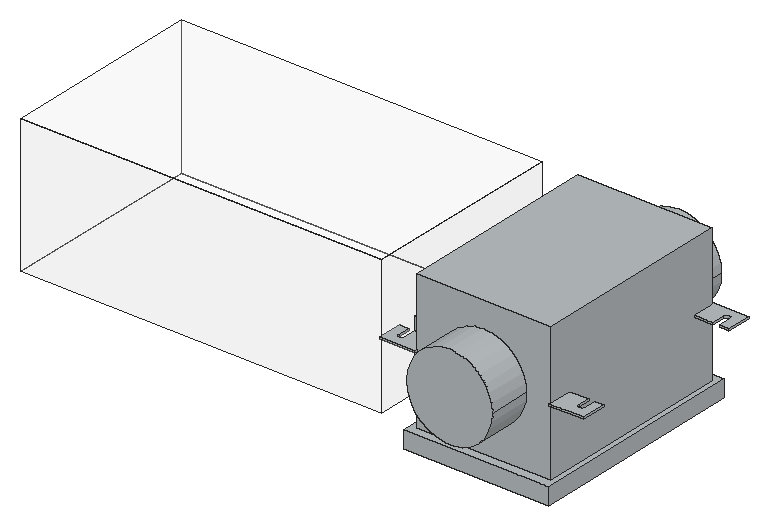
Revit family "bfs-30_150sya2_60Hz", category 機械設備, Revit 2019
Family settings
  丸型コネクタ寸法 = 直径を使用
  パーツ タイプ = 割り込み
  OmniClass 番号 = 23.75.35.17.27
  OmniClass タイトル = Centrifugal Fans
  作業面ベース = いいえ
  常に垂直 = はい
  ロード時にボイドで切り取り = いいえ
  共有 = いいえ
  部屋計算ポイント = はい
Parameters (values of type "BFS-30SYA2")
  騒音レベル(dB(A))_吸込 = 37.5
  騒音レベル(dB(A))_吐出 = 40
  騒音レベル(dB(A))_側面 = 24.5
  騒音レベル(dB(A)) = 40
  風量 [instance] = 設計風量  # 0.0 m³/h
  電源種別 [instance] = "一般"
  電圧 = 100 V
  電動機出力 = 16 W
  電動機_種別 [instance] = ""
  運転質量 = 0.00 kg
  連動 [instance] = ""
  質量 = if(製品質量 > 運転質量, 製品質量, 運転質量) * 1.2  # 8.40 kg
  負荷分類 = 3_ファン類
  説明 = "ストレートシロッコファン消音形耐湿タイプ"
  設計風量 [instance] = 0.0 m³/h
  設置方法 = "天吊"
  記号 [instance] = ""
  製造元 = "三菱電機株式会社"
  製品質量 = 7.00 kg
  製品出荷対象 = "国内"
  製品リリース年月 = "2022年6月1日"
  製品グループ = ""
  系統 [instance] = ""
  符号 [instance] = if(☑給気／□排気, "FS", "FE")  # "FE"
  積算_科目 = "2 換気設備"
  積算_拾い区分 [instance] = ""
  相 = 1
  盤記号 [instance] = ""
  盤工事区分 = "電気工事"
  発停方法 [instance] = "別売スイッチ"
  番手 = "#1"
  特殊仕様 [instance] = ""
  火災停止 = ""
  消費電力 = 43.5 W
  法定耐用年数 = "15"
  機外静圧 [instance] = 0.0 Pa
  極数 = 2
  極 = 4
  材質 [instance] = ""
  本体マテリアル = 溶融亜鉛めっき鋼板
  操作・制御方式 = ""
  操作・制御スイッチ = ""
  排気量 [instance] = if(☑給気／□排気, 0.0 m³/h, 設計風量)  # 0.0 m³/h
  形式 = ""
  形名 = BFS-SYA : BFS-30SYA
  幹線記号 [instance] = ""
  対象室 [instance] = ""
  実風量 = 0.0 m³/h
  始動方式 [instance] = "直入"
  外気量 [instance] = if(☑給気／□排気, 設計風量, 0.0 m³/h)  # 0.0 m³/h
  呼称 = "消音ボックス付送風機"
  周波数 = 60 Hz
  天吊金具ピッチ幅 = 299 mm
  天吊金具ピッチ奥行 = 300 mm
  参照している仕様書等のバージョン = ""
  分類コード = "50052502100020"
  分類グループ = ""
  価格 = 110000
  企業コード = "108420"
  付属品_防振装置 = ""
  付属品 [instance] = ""
  仕様書バージョン = "Version1.0"
  モデル = "BFS-30SYA2"
  ファンの種類 = "多翼形"
  ドレン管径 = 18 mm
  ダクト径 = 150 mm
  サービススペース = yes
  コメント [instance] = ""
  Keynote = ""
  ☑給気／□排気 [instance] = no
  Width = 223 mm
  Version = ""
  Uniclass2015Version = "Systems v1.9"
  Uniclass2015Title = "Centrifugal fans"
  Uniclass2015Code = "Pr_65_67_29_12"
  URL = "https://www.mitsubishielectric.co.jp/ldg/wink/ssl/displayProduct.do?pid=319099"
  SpecificationReference = ""
  SpecificationDescription = ""
  Revision = ""
  ProductInformation = ""
  OmniClassCode = "23-33 31 19 13 15"
  MIN風量 = 0.0 m³/h
  MIN静圧 = 0.0 Pa
  MID風量 = 0.0 m³/h
  MID静圧 = 0.0 Pa
  MAX風量 = 300.0 m³/h
  MAX静圧 = 39.0 Pa
  M = 70 mm
  IfcTypeProduct = ""
  IfcProduct = ""
  IfcExportType = "CENTRIFUGALFORWARDCURVED"
  IfcExportAs = "IfcFanType"
  Height = 228.4 mm
  Depth = 335 mm
  Clearance Top = 0 mm  # constant formula
  Clearance Right = 0 mm  # constant formula
  Clearance Left = 600 mm  # constant formula
  Clearance Front = 0 mm  # constant formula
  Clearance Bottom = 0 mm  # constant formula
  Clearance Back = 0 mm  # constant formula
  Author = "三菱電機株式会社"
Types (6, lengths in mm): name | 騒音レベル(dB(A))_吸込 | 騒音レベル(dB(A))_吐出 | 騒音レベル(dB(A))_側面 | 騒音レベル(dB(A)) | 電動機出力 | 質量 | 製品質量 | 番手 | 消費電力 | 形名 | 天吊金具ピッチ幅 | 天吊金具ピッチ奥行 | 参照している仕様書等のバージョン | 価格 | モデル | ダクト径 | Width | URL | MAX風量 | MAX静圧 | M | Height | Depth
  BFS-30SYA2 | 37.5 | 40 | 24.5 | 40 | 16 W | 8.40 kg | 7.00 kg | "#1" | 43.5 W | BFS-SYA : BFS-30SYA | 299 | 300 | "" | 110000 | "BFS-30SYA2" | 150 | 223 | "https://www.mitsubishielectric.co.jp/ldg/wink/ssl/displayProduct.do?pid=319099" | 300.0 m³/h | 39.0 Pa | 70 | 228.4 | 335
  BFS-40SYA2 | 38 | 44 | 27 | 44 | 25 W | 11.40 kg | 9.50 kg | "#1 1/4" | 66 W | BFS-SYA : BFS-40SYA | 331 | 353 | "" | 119000 | "BFS-40SYA2" | 150 | 255 | "https://www.mitsubishielectric.co.jp/ldg/wink/ssl/displayProduct.do?pid=319106" | 400.0 m³/h | 69.0 Pa | 70 | 258.4 | 388
  BFS-50SYA2 | 39 | 49 | 26.5 | 49 | 45 W | 15.00 kg | 12.50 kg | "#1 1/4" | 87.5 W | BFS-SYA : BFS-50SYA | 401 | 388 | "公共建築工事標準仕様書（機械設備工事編）平成31年度版" | 161000 | "BFS-50SYA2" | 200 | 325 | "https://www.mitsubishielectric.co.jp/ldg/wink/ssl/displayProduct.do?pid=319114" | 500.0 m³/h | 175.0 Pa | 85 | 258.4 | 423
  BFS-80SYA2 | 40.5 | 53 | 31 | 53 | 80 W | 18.00 kg | 15.00 kg | "#1 1/4" | 155 W | BFS-SYA : BFS-80SYA | 449 | 453 | "公共建築工事標準仕様書（機械設備工事編）平成31年度版" | 179000 | "BFS-80SYA2" | 200 | 373 | "https://www.mitsubishielectric.co.jp/ldg/wink/ssl/displayProduct.do?pid=318464" | 800.0 m³/h | 157.0 Pa | 85 | 308.4 | 488
  BFS-100SYA2 | 44.5 | 58 | 34 | 58 | 160 W | 21.60 kg | 18.00 kg | "#1 1/2" | 247 W | BFS-SYA : BFS-100SYA | 469 | 453 | "公共建築工事標準仕様書（機械設備工事編）平成31年度版" | 204000 | "BFS-100SYA2" | 200 | 393 | "https://www.mitsubishielectric.co.jp/ldg/wink/ssl/displayProduct.do?pid=318945" | 1000.0 m³/h | 250.0 Pa | 85 | 308.4 | 488
  BFS-150SYA2 | 50.5 | 63 | 38 | 63 | 340 W | 25.80 kg | 21.50 kg | "#1 1/2" | 498 W | BFS-SYA : BFS-150SYA | 467 | 555 | "公共建築工事標準仕様書（機械設備工事編）平成31年度版" | 234000 | "BFS-150SYA2" | 250 | 391 | "https://www.mitsubishielectric.co.jp/ldg/wink/ssl/displayProduct.do?pid=318964" | 1500.0 m³/h | 265.0 Pa | 85 | 353.4 | 590
Reference planes
  plane 1 "中心(正面/背面)": y = 0
  plane 2: z = 0
  plane 3 "中心(左/右)": x = -128
  plane 4 "左": x = -239.5
  plane 5 "右": x = -16.5
  plane 6 "背面": y = 167.5
  plane 7 "正面": y = -167.5
  plane 8: z = 114.2
  plane 9: y = 150
  plane 10: y = -150
  plane 11: x = 21.5
  plane 12: x = -277.5
  plane 13: z = -114.2
  plane 14: z = 114.2
  plane 15: z = -114.2
  plane 16: y = 167.5
  plane 17: y = -167.5
  plane 18: x = -16.5
  plane 19: x = -897.5
  plane 20: x = -297.5
Lines and regions (mm)
  Masking region 1, detail levels coarse+medium
    outline origin (-349.907, -603.86, 0) x (1, 0, 0) y (0, 1, 0)
      loop
        line (110.407, 436.36) -> (333.407, 436.36) -> (333.407, 771.36) -> (110.407, 771.36) -> (110.407, 436.36)
  symbolic lines, detail levels coarse+medium
    curve 1: line (-239.5, 167.5, 0) -> (-16.5, 0, 0)
    curve 2: line (-16.5, 0, 0) -> (-239.5, -167.5, 0)
Dimensions and locks
  "Width": plane 4 "左" to plane 5 "右"
  equal spacing: plane 7 "正面", plane 1 "中心(正面/背面)", plane 6 "背面"
  "Depth": plane 7 "正面" to plane 6 "背面"
  equal spacing: plane 8, level, plane 13
  "Height": plane 8 to plane 13
  equal spacing: plane 10, plane 1 "中心(正面/背面)", plane 9
  "天吊金具ピッチ奥行": plane 10 to plane 9
  "天吊金具ピッチ幅": plane 12 to plane 11
  "Clearance Top": plane 14 to plane 8
  "Clearance Bottom": plane 13 to plane 15
  "Clearance Front": plane 17 to plane 7 "正面"
  "Clearance Back": plane 6 "背面" to plane 16
  "Clearance Right": plane 5 "右" to plane 18
  equal spacing: plane 4 "左", plane 3 "中心(左/右)", plane 5 "右"
  equal spacing: plane 12, plane 3 "中心(左/右)", plane 11
  locked: plane 20 to plane 12 at 20
  "Clearance Left": plane 19 to plane 20
  aligned and locked: level to plane 2
  aligned and locked: nested 2 to plane 9
  aligned and locked: plane 10 to nested 2
  aligned and locked: plane 12 to nested 2
  aligned and locked: plane 11 to nested 2
  aligned and locked: plane 8 to nested 1
  aligned and locked: plane 19 to nested 3
  aligned and locked: plane 17 to nested 3
  aligned and locked: plane 14 to nested 3
  aligned and locked: plane 15 to nested 3
  aligned and locked: plane 1 "中心(正面/背面)" to nested 1
  aligned and locked: nested 1 to plane 3 "中心(左/右)"
  aligned and locked: plane 16 to nested 3
  aligned and locked: plane 20 to nested 3
  aligned and locked: plane 5 "右" to Masking region 1
  aligned and locked: Masking region 1 to plane 4 "左"
  aligned and locked: Masking region 1 to plane 6 "背面"
  aligned and locked: plane 7 "正面" to Masking region 1
Automatic sketch dimensions
  Masking region 1 sketch curve to plane 9 = 17.5 mm
  plane 20 to Masking region 1 sketch curve = 58 mm
  Masking region 1 sketch curve to plane 11 = 38 mm
  plane 7 "正面" to Masking region 1 sketch curve = 0 mm
  curve 2 to plane 4 "左" = 0 mm
  curve 1 to plane 4 "左" = 0 mm
  plane 1 "中心(正面/背面)" to curve 2 = 0 mm
  curve 2 to plane 5 "右" = 0 mm
  plane 7 "正面" to curve 2 = 0 mm
  plane 6 "背面" to curve 1 = 0 mm
Nested families
  nested 1: "BFS-SYA" at (-128, 0, -114.2) x (0, -1, 0) z (0, 0, 1), type <- "形名", type "BFS-30SYA"
  nested 2: "固定点" at (-277.5, -150, 0), type "固定点"
    with W 299 mm, D 300 mm
  nested 3: "サービススペース" at (-597.5, 0, 0), visible <- "サービススペース", type "サービススペース"
    with Width 600 mm, Height 228.4 mm, Depth 335 mm
Connectors
  hvac at (-128, -237.5, 1.2), driven by "ダクト径", driven by "機外静圧", driven by "風量"
    settings: on nested 1, index 2, duct flow 0.0 m³/h, flow factor 0, pres drop 0.0 Pa, loss coef 0, conn angle 0.00°, conn width 304.8 mm, conn height 304.8 mm, conn diameter 150 mm, duct sys type 29, conn prof type 0, flow config 0, flow direction 2, loss method 4, conn ref index -1, conn util no, is conn primary yes, conn desc ""
  hvac at (-128, 237.5, 1.2), driven by "ダクト径", driven by "機外静圧", driven by "風量"
    settings: on nested 1, index 3, duct flow 0.0 m³/h, flow factor 0, pres drop 0.0 Pa, loss coef 0, conn angle 0.00°, conn width 304.8 mm, conn height 304.8 mm, conn diameter 150 mm, duct sys type 29, conn prof type 0, flow config 0, flow direction 1, loss method 4, conn ref index -1, conn util no, is conn primary no, conn desc ""
  electrical at (-290.6, -36.9, -38.2), driven by "極数", driven by "負荷分類", driven by "電圧", driven by "消費電力"
    settings: on nested 1, index 4, voltage 100 V, apparent load 43.5 VA, apparent load phase1 0 VA, apparent load phase2 0 VA, apparent load phase3 0 VA, power factor 1, load classification "3_ファン類", number of poles 2, system type 30, power factor state 1, is connector primary yes, connector utility no, sub classification motor no, connector description ""
  piping at (-233, 0, -167.8), diameter 18, driven by "ドレン管径"
    settings: on nested 1, index 5, connector inside diameter 609.6 mm, connector length 0 mm, flow factor 0, pipe flow 0.0 L/s, pressure drop 0.0 Pa, fitting loss kfactor 0, connector angle 0.00°, fixture units 0, engagement length 0 mm, angle of deflection 0.00°, flow configuration 1, flow direction 2, fitting loss method 4, system type 16, joint type 0, gender type 0, connector reference index -1, connector utility 0, adjustable connector no, is connector primary yes, connector description ""
Definition of nested family "BFS-SYA"
  Parameters (values of type "BFS-30SYA")
    端子カバー高 = 90 mm  # constant formula
    端子カバー手前位置 = 60.6 mm
    端子カバー幅 = 51.1 mm  # constant formula
    端子カバー奥行 = 140 mm  # constant formula
    端子カバー上位置 = 107.4 mm
    吊りボルト-φ = 11 mm
    吊りボルト-W2 = 41 mm
    吊りボルト-W1 = 300 mm
    吊りボルト-D2 = 339 mm
    吊りボルト-D1 = 299 mm
    マテリアル = none
    ダクト位置高 = 113 mm
    φ = 142 mm
    Φ = 160 mm
    w1 = 365 mm
    kb_z = 20 mm
    吊りボルト-h = ダクト位置高  # 113 mm
    d1 = 240 mm
    b = 280 mm
    a = 70 mm
    W = 335 mm
    H = 228.4 mm
    c = 85 mm
    D = 223 mm
  Types (6, lengths in mm): name | 端子カバー手前位置 | 端子カバー上位置 | 吊りボルト-W1 | 吊りボルト-D2 | 吊りボルト-D1 | ダクト位置高 | φ | Φ | w1 | kb_z | 吊りボルト-h | d1 | b | a | W | H | c | D
    BFS-50SYA | 69.2 | 122.8 | 388 | 441 | 401 | 128 | 192 | 208 | 453 | 20 | 128 | 342 | 280 | 85 | 423 | 258.4 | 50 | 325
    BFS-80SYA | 71 | 152.4 | 453 | 489 | 449 | 153 | 192 | 208 | 519 | 25 | 153 | 390 | 280 | 85 | 488 | 308.4 | 50 | 373
    BFS-100SYA | 70.2 | 152.4 | 453 | 509 | 469 | 153 | 192 | 208 | 519 | 25 | 153 | 410 | 280 | 85 | 488 | 308.4 | 50 | 393
    BFS-150SYA | 88.2 | 60.5 | 555 | 507 | 467 | 175 | 242 | 258 | 621 | 120 | 175 | 408 | 280 | 85 | 590 | 353.4 | 50 | 391
    BFS-30SYA | 60.6 | 107.4 | 300 | 339 | 299 | 113 | 142 | 160 | 365 | 20 | 113 | 240 | 280 | 70 | 335 | 228.4 | 85 | 223
    BFS-40SYA | 62.3 | 122.6 | 353 | 371 | 331 | 128 | 142 | 160 | 419 | 25 | 128 | 273 | 288 | 70 | 388 | 258.4 | 50 | 255
  Reference planes
    plane 1 "中心(正面/背面)": y = 0
    plane 2: z = 0
    plane 3 "中心(左/右)": x = 0
    plane 4: y = 111.5
    plane 5: y = 149.5
    plane 6: y = 169.5
    plane 7: y = -111.5
    plane 8: y = -149.5
    plane 9: y = -169.5
    plane 10: x = -167.5
    plane 11: x = -150
    plane 12: x = -170.5
    plane 13: x = 167.5
    plane 14: x = 150
    plane 15: x = 170.5
    plane 16: z = 228.4
    plane 17: x = -173.1
    plane 18: x = 106.9
    plane 19: x = 237.5
    plane 20: x = -237.5
    plane 21: z = 115.4
    plane 22: z = 112.4
    plane 23: z = 74.4
    plane 24: x = -129.5
    plane 25: z = 97.4
    plane 26: x = 129.5
    plane 27: y = 114.5
    plane 28: x = -33.1
    plane 29: z = 121
    plane 30: z = 31
    plane 31: y = -162.6
    plane 32: y = 120
    plane 33: y = -120
    plane 34: x = -182.5
    plane 35: x = 182.5
    plane 36: z = -23.6
    plane 37: z = -28.6
    plane 38: z = -53.6
    plane 39: y = -105
    plane 40: z = 115.4
  Forms (mm)
    Extrusion 1, solid, material <- "マテリアル", detail levels fine
      sketch origin (0, 0, 0) x (1, 0, 0) y (0, 1, 0)
        loop
          line (-167.5, 111.5) -> (-167.5, -111.5) -> (167.5, -111.5) -> (167.5, 111.5) -> (-167.5, 111.5)
      from 0 to 228.4
    Extrusion 2, solid, material <- "マテリアル", detail levels fine
      sketch origin (0, 0, 0) x (1, 0, 0) y (0, 1, 0)
        loop
          line (-170.5, -111.5) -> (-170.5, -169.5) -> (-129.5, -169.5) -> (-129.5, -155) -> (-150, -155)
          arc (-150, -155) -> (-155.5, -149.5) -> (-150, -144) r 5.5
          line (-150, -144) -> (-129.5, -144) -> (-129.5, -111.5) -> (-170.5, -111.5)
      from 112.4 to 115.4
    Extrusion 3, solid, material <- "マテリアル", detail levels fine
      sketch origin (0, 0, 0) x (1, 0, 0) y (0, 1, 0)
        loop
          line (-170.5, 111.5) -> (-129.5, 111.5) -> (-129.5, 144) -> (-150, 144)
          arc (-150, 144) -> (-155.5, 149.5) -> (-150, 155) r 5.5
          line (-150, 155) -> (-129.5, 155) -> (-129.5, 169.5) -> (-170.5, 169.5) -> (-170.5, 111.5)
      from 112.4 to 115.4
    Extrusion 4, solid, material <- "マテリアル", detail levels fine
      sketch origin (0, 0, 0) x (-1, 0, 0) y (0, -1, 0)
        loop
          line (-170.5, -111.5) -> (-170.5, -169.5) -> (-129.5, -169.5) -> (-129.5, -155) -> (-150, -155)
          arc (-150, -155) -> (-155.5, -149.5) -> (-150, -144) r 5.5
          line (-150, -144) -> (-129.5, -144) -> (-129.5, -111.5) -> (-170.5, -111.5)
      from 112.4 to 115.4
    Extrusion 5, solid, material <- "マテリアル", detail levels fine
      sketch origin (0, 0, 0) x (-1, 0, 0) y (0, -1, 0)
        loop
          line (-170.5, 111.5) -> (-129.5, 111.5) -> (-129.5, 144) -> (-150, 144)
          arc (-150, 144) -> (-155.5, 149.5) -> (-150, 155) r 5.5
          line (-150, 155) -> (-129.5, 155) -> (-129.5, 169.5) -> (-170.5, 169.5) -> (-170.5, 111.5)
      from 112.4 to 115.4
    Extrusion 6, solid, material <- "マテリアル", detail levels fine
      sketch origin (0, 0, 0) x (0, 1, 0) y (0, 0, 1)
        loop
          circle (0, 115.4) r 71
      from -167.5 to -237.5
    Extrusion 7, solid, material <- "マテリアル", detail levels fine
      sketch origin (0, 0, 0) x (0, 1, 0) y (0, 0, -1)
        loop
          circle (0, -115.4) r 71
      from -167.5 to -237.5
    Extrusion 8, solid, material <- "マテリアル", detail levels fine
      sketch origin (0, 0, 0) x (1, 0, 0) y (0, 0, 1)
        loop
          line (106.9, 121) -> (-33.1, 121) -> (-33.1, 31) -> (106.9, 31) -> (106.9, 121)
      from 111.5 to 162.6
    Extrusion 9, solid, material <- "マテリアル", detail levels fine
      sketch origin (0, 0, 0) x (0, 1, 0) y (0, 0, 1)
        loop
          line (-120, -28.6) -> (120, -28.6) -> (120, 0) -> (-120, 0) -> (-120, -28.6)
      from -182.5 to 182.5
    Extrusion 10, solid, material <- "マテリアル", detail levels fine
      sketch origin (0, 0, 0) x (1, 0, 0) y (0, 1, 0)
        loop
          circle (0, -105) r 9
      from -53.6 to -28.6
  Dimensions and locks
    plane 12 to plane 15 = 341 mm
    "吊りボルト-W1": plane 11 to plane 14
    "W": plane 10 to plane 13
    "吊りボルト-D2": plane 9 to plane 6
    "吊りボルト-D1": plane 8 to plane 5
    "D": plane 7 to plane 4
    equal spacing: plane 7, plane 1 "中心(正面/背面)", plane 4
    equal spacing: plane 10, plane 3 "中心(左/右)", plane 13
    "H": plane 16 to level
    locked: plane 13 to plane 15 at 3
    locked: plane 12 to plane 10 at 3
    locked: plane 21 to plane 22 at 3
    locked: plane 21 to plane 23 at 41
    "吊りボルト-W2": plane 12 to plane 24
    locked: plane 22 to plane 25 at 15
    "吊りボルト-W2": plane 26 to plane 15
    locked: plane 27 to plane 4 at 3
    "a": plane 20 to plane 10
    "a": plane 13 to plane 19
    "端子カバー手前位置": plane 13 to plane 18
    "b": plane 18 to plane 17
    "端子カバー奥行": plane 18 to plane 28
    "端子カバー高": plane 29 to plane 30
    "端子カバー幅": plane 31 to plane 7
    equal spacing: plane 33, plane 1 "中心(正面/背面)", plane 32
    "d1": plane 33 to plane 32
    "w1": plane 34 to plane 35
    equal spacing: plane 34, plane 3 "中心(左/右)", plane 35
    locked: plane 37 to plane 38 at 25
    plane 33 to plane 32 = 240 mm
    locked: plane 33 to plane 39 at 15
    equal spacing: plane 11, plane 3 "中心(左/右)", plane 14
    equal spacing: plane 9, plane 1 "中心(正面/背面)", plane 6
    equal spacing: plane 8, plane 1 "中心(正面/背面)", plane 5
    "吊りボルト-h": plane 16 to plane 21
    "端子カバー上位置": plane 16 to plane 29
    locked: plane 36 to plane 37 at 5
    locked: level to plane 37 at 28.6
    "ダクト位置高": plane 16 to plane 40
    "φ": diameter of Extrusion 6 sketch curve
    "φ": diameter of Extrusion 7 sketch curve
    radius of Extrusion 10 sketch curve = 9 mm
    aligned and locked: level to plane 2
    aligned and locked: plane 4 to Extrusion 1 sketch curve
    aligned and locked: plane 10 to Extrusion 1 sketch curve
    aligned and locked: Extrusion 1 sketch curve to plane 7
    aligned and locked: Extrusion 1 sketch curve to plane 13
    aligned and locked: plane 16 to Extrusion 1
    aligned and locked: plane 7 to Extrusion 2 sketch curve
    aligned and locked: plane 12 to Extrusion 2 sketch curve
    aligned and locked: Extrusion 2 sketch curve to plane 9
    aligned and locked: Extrusion 2 sketch curve to plane 24  (x2)
    aligned and locked: plane 11 to Extrusion 2 sketch curve
    aligned and locked: plane 8 to Extrusion 2 sketch curve
    aligned and locked: plane 21 to Extrusion 2
    aligned and locked: Extrusion 2 to plane 22
    aligned and locked: plane 24 to Extrusion 3 sketch curve  (x2)
    aligned and locked: plane 5 to Extrusion 3 sketch curve
    aligned and locked: plane 11 to Extrusion 3 sketch curve
    aligned and locked: Extrusion 3 sketch curve to plane 6
    aligned and locked: Extrusion 3 sketch curve to plane 12
    aligned and locked: plane 4 to Extrusion 3 sketch curve
    aligned and locked: plane 21 to Extrusion 3
    aligned and locked: Extrusion 3 to plane 22
    aligned and locked: Extrusion 4 to plane 6
    aligned and locked: plane 15 to Extrusion 4
    aligned and locked: Extrusion 4 to plane 26
    aligned and locked: plane 26 to Extrusion 4 sketch curve  (x2)
    aligned and locked: plane 6 to Extrusion 4 sketch curve
    aligned and locked: Extrusion 4 sketch curve to plane 15
    aligned and locked: plane 5 to Extrusion 4 sketch curve
    aligned and locked: plane 14 to Extrusion 4 sketch curve
    aligned and locked: Extrusion 4 sketch curve to plane 4
    aligned and locked: Extrusion 4 to plane 22
    aligned and locked: plane 21 to Extrusion 4
    aligned and locked: plane 9 to Extrusion 5 sketch curve
    aligned and locked: plane 15 to Extrusion 5 sketch curve
    aligned and locked: Extrusion 5 sketch curve to plane 7
    aligned and locked: Extrusion 5 sketch curve to plane 26  (x2)
    aligned and locked: plane 14 to Extrusion 5 sketch curve
    aligned and locked: plane 8 to Extrusion 5 sketch curve
    aligned and locked: Extrusion 5 to plane 22
    aligned and locked: plane 21 to Extrusion 5
    aligned and locked: plane 1 "中心(正面/背面)" to Extrusion 6 sketch curve
    aligned and locked: Extrusion 6 to plane 20
    aligned and locked: plane 1 "中心(正面/背面)" to Extrusion 7 sketch curve
    aligned and locked: plane 19 to Extrusion 7
    aligned and locked: plane 29 to Extrusion 8 sketch curve
    aligned and locked: plane 18 to Extrusion 8 sketch curve
    aligned and locked: Extrusion 8 sketch curve to plane 30
    aligned and locked: Extrusion 8 sketch curve to plane 28
    aligned and locked: Extrusion 8 to plane 7
    aligned and locked: plane 35 to Extrusion 9
    aligned and locked: Extrusion 9 to plane 34
    aligned and locked: plane 39 to Extrusion 10 sketch curve
    aligned and locked: plane 3 "中心(左/右)" to Extrusion 10 sketch curve
    aligned and locked: Extrusion 10 to plane 38
    aligned and locked: plane 40 to Extrusion 7 sketch curve
    aligned and locked: plane 40 to Extrusion 6 sketch curve
    aligned and locked: Extrusion 9 sketch curve to plane 37
    aligned and locked: plane 33 to Extrusion 9 sketch curve
    aligned and locked: level to Extrusion 9 sketch curve
    aligned and locked: Extrusion 9 sketch curve to plane 32
    aligned and locked: plane 37 to Extrusion 10
    aligned and locked: plane 31 to Extrusion 8
    aligned and locked: Extrusion 7 to plane 13
    aligned and locked: plane 10 to Extrusion 6
  Automatic sketch dimensions
    Extrusion 2 sketch curve to plane 11 = 0 mm
    plane 8 to Extrusion 2 sketch curve = 5.5 mm
    Extrusion 3 sketch curve to plane 11 = 0 mm
    plane 5 to Extrusion 3 sketch curve = 5.5 mm
    Extrusion 4 sketch curve to plane 14 = 0 mm
    Extrusion 4 sketch curve to plane 5 = 5.5 mm
    Extrusion 5 sketch curve to plane 14 = 0 mm
    Extrusion 5 sketch curve to plane 8 = 5.5 mm
Definition of nested family "サービススペース"
  Parameters (values of type "サービススペース")
    Width [instance] = 500 mm
    Height [instance] = 500 mm
    Depth [instance] = 500 mm
  Reference planes
    plane 1 "中心(正面/背面)": y = 0
    plane 2: z = 0
    plane 3 "中心(左/右)": x = 0
    plane 4: y = -250
    plane 5: x = 250
    plane 6: y = 250
    plane 7: x = -250
    plane 8: z = 250
    plane 9: z = -250
  Forms (mm)
    Extrusion 1, solid
      sketch origin (-638.939, 0, 72.39) x (1, 0, 0) y (0, 1, 0)
        loop
          line (388.939, 250) -> (388.939, -250) -> (888.939, -250) -> (888.939, 250) -> (388.939, 250)
      from -322.39 to 177.61
  Lines and regions (mm)
    symbolic lines
      curve 1: line (-250, 0, 250) -> (250, 0, 250)
      curve 2: line (-250, 0, -250) -> (-250, 0, 250)
      curve 3: line (250, 0, -250) -> (-250, 0, -250)
      curve 4: line (250, 0, 250) -> (250, 0, -250)
      curve 5: line (0, -250, 250) -> (0, 250, 250)
      curve 6: line (0, -250, -250) -> (0, -250, 250)
      curve 7: line (0, 250, -250) -> (0, -250, -250)
      curve 8: line (0, 250, 250) -> (0, 250, -250)
      curve 9: line (-250, 250, 0) -> (250, 250, 0)
      curve 10: line (-250, -250, 0) -> (-250, 250, 0)
      curve 11: line (250, -250, 0) -> (-250, -250, 0)
      curve 12: line (250, 250, 0) -> (250, -250, 0)
  Dimensions and locks
    equal spacing: plane 7, plane 3 "中心(左/右)", plane 5
    equal spacing: plane 4, plane 1 "中心(正面/背面)", plane 6
    "Depth": plane 4 to plane 6
    "Width": plane 7 to plane 5
    equal spacing: plane 8, plane 2, plane 9
    "Height": plane 8 to plane 9
    aligned and locked: plane 9 to curve 3
    aligned and locked: plane 7 to curve 2
    aligned and locked: curve 4 to plane 5
    aligned and locked: plane 5 to Extrusion 1
    aligned and locked: Extrusion 1 to plane 7
    aligned and locked: Extrusion 1 to plane 9
    aligned and locked: plane 8 to Extrusion 1
    aligned and locked: plane 9 to curve 7
  Automatic sketch dimensions
    plane 4 to Extrusion 1 sketch curve = 0 mm
    Extrusion 1 sketch curve to plane 7 = 0 mm
    Extrusion 1 sketch curve to plane 5 = 0 mm
    plane 6 to Extrusion 1 sketch curve = 0 mm
    curve 2 to plane 8 = 0 mm
    plane 4 to curve 11 = 0 mm
    curve 11 to plane 7 = 0 mm
    curve 11 to plane 5 = 0 mm
    plane 6 to curve 10 = 0 mm
    curve 7 to plane 4 = 0 mm
    curve 7 to plane 6 = 0 mm
    curve 6 to plane 8 = 0 mm
Definition of nested family "固定点"
  Parameters (values of type "固定点")
    中心円 = 11 mm
    W [instance] = 1000 mm
    D [instance] = 1000 mm
  Reference planes
    plane 1 "中心(正面/背面)": y = 0
    plane 2: z = 0
    plane 3 "中心(左/右)": x = 0
    plane 4: x = 1000
    plane 5: y = 1000
  Lines and regions (mm)
    symbolic lines, detail levels fine
      curve 1: circle (0, 1000, 0) r 5.5 normal (0, 0, 1)
      curve 2: circle (0, 0, 0) r 5.5 normal (0, 0, 1)
      curve 3: circle (1000, 1000, 0) r 5.5 normal (0, 0, 1)
      curve 4: circle (1000, 0, 0) r 5.5 normal (0, 0, 1)
      curve 5: line (-200, 1000, 0) -> (1200, 1000, 0)
      curve 6: line (-200, 0, 0) -> (1200, 0, 0)
      curve 7: line (0, 1200, 0) -> (0, -200, 0)
      curve 8: line (1000, 1200, 0) -> (1000, -200, 0)
  Dimensions and locks
    "W": plane 3 "中心(左/右)" to plane 4
    "D": plane 1 "中心(正面/背面)" to plane 5
    "中心円": diameter of curve 1
    "中心円": diameter of curve 2
    "中心円": diameter of curve 3
    "中心円": diameter of curve 4
    aligned and locked: level to plane 2
    aligned and locked: plane 5 to curve 1
    aligned and locked: plane 3 "中心(左/右)" to curve 1
    aligned and locked: plane 3 "中心(左/右)" to curve 2
    aligned and locked: plane 1 "中心(正面/背面)" to curve 2
    aligned and locked: plane 4 to curve 3
    aligned and locked: plane 5 to curve 3
    aligned and locked: plane 1 "中心(正面/背面)" to curve 4
    aligned and locked: plane 4 to curve 4
    aligned and locked: plane 1 "中心(正面/背面)" to curve 6
    aligned and locked: curve 7 to plane 3 "中心(左/右)"
    aligned and locked: curve 8 to plane 4
  Automatic sketch dimensions
    curve 5 to plane 5 = 0 mm
    curve 6 to plane 3 "中心(左/右)" = 200 mm
    curve 5 to plane 3 "中心(左/右)" = 200 mm
    curve 4 to curve 6 = 200 mm
    curve 3 to curve 5 = 200 mm
    plane 1 "中心(正面/背面)" to curve 8 = 200 mm
    plane 1 "中心(正面/背面)" to curve 7 = 200 mm
    curve 3 to curve 8 = 200 mm
    curve 1 to curve 7 = 200 mm
